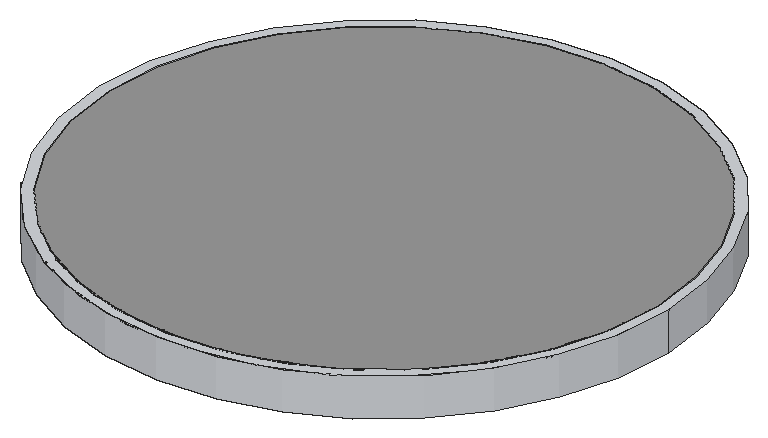
Revit family "2071241", category Lighting Fixtures, host Face, Revit 2018
Family settings
  Host = Face
  Round Connector Dimension = Use Diameter
  Part Type = Normal
  OmniClass Number = 23.80.70.00
  OmniClass Title = Lighting
  Cut with Voids When Loaded = No
  Light Source = Yes
  Shared = No
  Room Calculation Point = No
Parameters (values of type "2071241 COLOSSAL 900 840 OP DIR WHT DALI")
  iner diameter = 856 mm
  Weight = "n/a"
  Wattage Comments = ""
  Wattage = 30 W
  WarrantyStartDate [instance] = "n/a"
  WarrantyGuarantorParts = "n/a"
  WarrantyDurationUnit = "n/a"
  WarrantyDurationParts = ""
  WarrantyDescription = "http://www.sylvania-lighting.com"
  built-in parameter 1150110 = 1 (stored number, unit not read)
  Voltage = 230 V
  URL = "0.95"
  TypeName = "COLOSSAL 900mm 840 OPAL DIR WHITE DALI"
  Type Image = <None>
  Type Comments = "n/a"
  built-in parameter 1114217 = 1 (stored number, unit not read)
  Tilt Angle = -90.00°
  built-in parameter 1150109 = 1 (stored number, unit not read)
  built-in parameter 1150134 = (empty or 0)
  built-in parameter 1150113 = 1 (stored number, unit not read)
  SerialNumber [instance] = "n/a"
  Photometric Web File = "2071241.ies"
  Material_3_SYL = LED-Sylvania
  PowerFactor = 0
  PowerConsumption = "Lighting"
  NominalLength = 888 mm
  NominalHeight = 93 mm
  NominalDepth = 888 mm
  Name = "COLOSSAL 900mm 840 OPAL DIR WHITE DALI"
  ModelReference = Name  # "COLOSSAL 900mm 840 OPAL DIR WHITE DALI"
  ModelNumber = "2071241"
  Model = Name  # "COLOSSAL 900mm 840 OPAL DIR WHITE DALI"
  Material = "Feilo Sylvania"
  ManufacturerName = "142 lm/W"
  Manufacturer = ""
  LuminousEfficacy = ""
  built-in parameter 1150105 = 270.44 (stored number, unit not read)
  Lumens = 3398.4 lm
  LuminaireType = "0"
  built-in parameter 1150115 = 1 (stored number, unit not read)
  LightOutputRatio = "LED"
  built-in parameter 1150137 = (empty or 0)
  built-in parameter 1150139 = (empty or 0)
  LampsType = Lamp  # "n/a"
  LampNominalLuminous = "4000 K"
  LampMacAdamStep = "80"
  LampColourTemperature = "LED"
  LampColourRenderingIndex = "16500"
  built-in parameter 1150112 = 1 (stored number, unit not read)
  built-in parameter 1150114 = 1 (stored number, unit not read)
  Lamp = "n/a"
  Keynote = "n/a"
  InstallationDate [instance] = "n/a"
  InputVoltage = "0"
  InputNominalFrequency = "4000"
  built-in parameter 1150132 = (empty or 0)
  built-in parameter 1150102 = (empty or 0)
  built-in parameter 1150107 = 3000 (stored number, unit not read)
  built-in parameter 1150138 = (empty or 0)
  IngressProtection = "IfcLightFixtureType"
  ImpactProtectionIndex = "IfcLightFixtureType"
  built-in parameter 1150106 = 2.7044 (stored number, unit not read)
  IfcExportType = "IfcLightFixtureType"
  IfcExportAs = "Class I"
  Emit from Circle Diameter = 385 mm
  Emit Shape Visible in Rendering = no
  ElectricShockClassification = "142"
  built-in parameter 1150104 = 10.524 (stored number, unit not read)
  DocumentationLiterature = "http://www.sylvania-lighting.com/product/en-int/products/2071241"
  DimmingControlOptions = "n/a"
  Material_2_SYL = Polycarbonate_Sylvania_White
  Dimming Lamp Color Temperature Shift = <None>
  Description = "900mm diameter circular architectural luminaire, can be surface mounted or suspended. Powder coated aluminium housing (RAL9016) with polycarbonate opal diffuser. Direct light distribution, 10890lm luminuous flux, 76.8W system power, 142lm/W luminiaire efficacy. DALI dimmable. Colour rendering index Ra >80, 4000K Neutral White LED, chromaticity tolerance of 3-step MacAdam ellipse. IP40/IP20, IK03. 450mA drive current. Electrical protection Class1, 220-240V. Reported lifetime 66k hours L90B10."
  Default Elevation = 1219.2 mm
  CreatedOn = "23/03/2022"
  CreatedBy = "@sylvania-lighting.com"
  Cost = 0
  Color Filter = 16777215
  built-in parameter 1114216 [instance] = (empty or 0)
  ClassificationValue = "EF_70_80"
  ClassificationName = "Uniclass2015"
  Material_1_SYL = Polycarbonate_Sylvania_Opal
  BarCode [instance] = "n/a"
  built-in parameter 1114218 = 1 (stored number, unit not read)
  built-in parameter 1150133 = 10 (stored number, unit not read)
  AssetType = "Fixed"
  AssetIdentifier [instance] = "n/a"
  Assembly Code = "D5020200"
  Apparent Load = 76.8 VA
  Material_4_SYL = none
Reference planes
  plane 1 "Center (Front/Back)": y = 0
  plane 2: z = 0
  plane 3 "Center (Left/Right)": x = 0
  plane 4: z = 1.161
  plane 5: z = 16.161
  plane 6: x = -444
  plane 7: x = 444
  plane 8: y = 444
  plane 9: y = -444
  plane 10: y = 236
  plane 11: y = -236
  plane 12: x = 85
  plane 13: x = -85
  plane 14: through (0, 0, 1219.2) normal (0.5, 0.866, 0)
  plane 15: through (42.5, 73.612, 1219.2) normal (0.5, 0.866, 0)
  plane 16: through (-42.5, -73.612, 1219.2) normal (0.5, 0.866, 0)
  plane 17: through (0, 0, 1219.2) normal (0.5, -0.866, 0)
  plane 18: through (-42.5, 73.612, 1219.2) normal (0.5, -0.866, 0)
  plane 19: through (42.5, -73.612, 1219.2) normal (0.5, -0.866, 0)
  plane 20: z = 93
  plane 21: y = 428
  plane 22: y = -428
Forms (mm)
  Extrusion 1, solid, detail levels medium+fine
    sketch origin (0, 0, 0) x (0.866025, -0.5, 0) y (0.5, 0.866025, 0)
      loop
        circle (-50, 86.603) r 22
    from 0 to 2
  Extrusion 2, solid, detail levels medium+fine
    sketch origin (0, 0, 0) x (0.866025, -0.5, 0) y (0.5, 0.866025, 0)
      loop
        circle (100, 0) r 22
      loop
        circle (-50, -86.603) r 22
    from 0 to 2
  Blend 3, solid, detail levels medium+fine
    base sketch origin (0, 0, 0) x (1, 0, 0) y (0, 1, 0)
      loop
        line (-85, 236) -> (-246.882, -44.388) -> (-161.882, -191.612) -> (161.882, -191.612) -> (246.882, -44.388) -> (85, 236) -> (-85, 236)
    top sketch origin (0, 0, 0) x (1, 0, 0) y (0, 1, 0)
      loop
        line (-85, 283.076) -> (-287.651, -67.926) -> (-207.792, -218.119) -> (207.792, -218.119) -> (292.5, -71.401) -> (85, 283.076) -> (-85, 283.076)
    from 0 to 33.022
  Extrusion 4, solid, detail levels medium+fine
    sketch origin (0, 0, 0) x (1, 0, 0) y (0, 1, 0)
      loop
        circle (0, 0) r 444
    from 33.022 to 93
  Extrusion 5, void
    sketch origin (0, 0, 0) x (1, 0, 0) y (0, 1, 0)
      loop
        circle (0, 0) r 428
    from 96.588 to 37.292
  Extrusion 6, solid, material "Glass, White, High Luminance", detail levels fine
    sketch origin (0, 0, 0) x (1, 0, 0) y (0, 1, 0)
      loop
        circle (0, 0) r 428
    from 87.991 to 93
  Extrusion 7, solid, detail levels coarse
    sketch origin (0, 0, 0) x (1, 0, 0) y (0, 1, 0)
      loop
        line (-444, 444) -> (-444, -444) -> (444, -444) -> (444, 444) -> (-444, 444)
    from 0 to 93.648
Cuts and joins
  Extrusion 5 cuts Extrusion 1
  Extrusion 5 cuts Extrusion 2
  Extrusion 5 cuts Blend 3
  Extrusion 5 cuts Extrusion 4
Lines and regions (mm)
  model lines, detail levels medium+fine
    curve 1: circle (0, 0, 0) r 100 normal (0, 0, 1)
Dimensions and locks
  "NominalDepth": plane 8 to plane 9
  plane 8 to plane 1 "Center (Front/Back)" to plane 9 = 444 mm, 444 mm
  "NominalLength": plane 6 to plane 7
  equal spacing: plane 6, plane 3 "Center (Left/Right)", plane 7
  "NominalHeight": level to plane 20
  "iner diameter": plane 21 to plane 22
  equal spacing: plane 21, plane 1 "Center (Front/Back)", plane 22
  aligned and locked: plane 2 to host face
  aligned and locked: level to host face
Automatic sketch dimensions
  host sketch curve to host sketch curve = 2438.4 mm  (x2)
  Extrusion 1 sketch curve to plane 3 "Center (Left/Right)" = 0 mm
  Extrusion 1 sketch curve to plane 1 "Center (Front/Back)" = 100 mm
  plane 1 "Center (Front/Back)" to Extrusion 2 sketch curve = 50 mm
  Extrusion 2 sketch curve to plane 3 "Center (Left/Right)" = 86.603 mm
  Extrusion 2 sketch curve to Extrusion 2 sketch curve = 150 mm
  Extrusion 2 sketch curve to Extrusion 2 sketch curve = 86.603 mm
  plane 1 "Center (Front/Back)" to curve 1 = 0 mm
  curve 1 to plane 3 "Center (Left/Right)" = 0 mm
  plane 18 to Blend 3 sketch curve = 0 mm  (x2)
  plane 19 to Blend 3 sketch curve = 0 mm  (x2)
  Blend 3 sketch curve to plane 10 = 0 mm
  Blend 3 sketch curve to plane 13 = 0 mm  (x2)
  Blend 3 sketch curve to plane 12 = 0 mm  (x2)
  Blend 3 sketch curve to plane 16 = 0 mm  (x2)
  Blend 3 sketch curve to plane 15 = 0 mm
  plane 11 to Blend 3 sketch curve = 44.388 mm
  plane 1 "Center (Front/Back)" to Blend 3 sketch curve = 44.388 mm  (x2)
  plane 11 to Blend 3 sketch curve = 17.881 mm
  plane 1 "Center (Front/Back)" to Blend 3 sketch curve = 67.926 mm
  plane 1 "Center (Front/Back)" to Blend 3 sketch curve = 71.401 mm
  Blend 3 sketch curve to plane 7 = 151.5 mm
  plane 10 to Blend 3 sketch curve = 47.076 mm
  plane 1 "Center (Front/Back)" to Extrusion 4 sketch curve = 0 mm
  Extrusion 4 sketch curve to plane 3 "Center (Left/Right)" = 0 mm
  plane 1 "Center (Front/Back)" to Extrusion 5 sketch curve = 0 mm
  Extrusion 5 sketch curve to plane 3 "Center (Left/Right)" = 0 mm
  plane 1 "Center (Front/Back)" to Extrusion 6 sketch curve = 0 mm
  Extrusion 6 sketch curve to plane 3 "Center (Left/Right)" = 0 mm
  Extrusion 7 sketch curve to plane 6 = 0 mm
  Extrusion 7 sketch curve to plane 7 = 0 mm
  Extrusion 7 sketch curve to plane 9 = 0 mm
  Extrusion 7 sketch curve to plane 8 = 0 mm
  radius of Extrusion 1 sketch curve = 22 mm
  radius of Extrusion 2 sketch curve = 22 mm  (x2)
  radius of curve 1 = 100 mm
  radius of Extrusion 4 sketch curve = 444 mm
  radius of Extrusion 5 sketch curve = 428 mm
  radius of Extrusion 6 sketch curve = 428 mm
Connectors
  electrical at (0, 0, 0), driven by "Apparent Load", driven by "PowerFactor", driven by "Voltage"
    settings: index 1, voltage 230 V, apparent load 76.8 VA, apparent load phase1 0 VA, apparent load phase2 0 VA, apparent load phase3 0 VA, power factor 0, load classification "Lighting", number of poles 1, system type 30, power factor state 1, is connector primary yes, connector utility no, sub classification motor no, connector description ""
